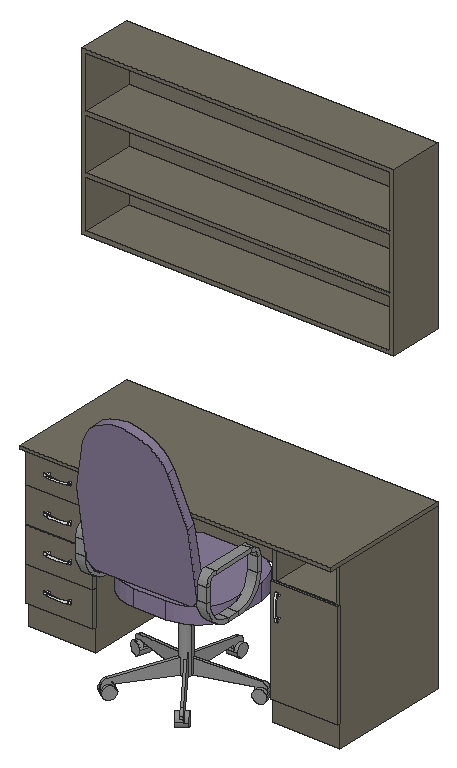
Revit family "Компьютерный стол", category Мебель, Revit 2019 (continued)
Definition of nested family "Кресло для компютерного стола"
  Forms (mm)
    Sweep 8, solid, material <- "Материал кресло для комп. стола пластик"
      path origin (-109.009, 0, 0) x (0, 1, 0) y (0, 0, 1)
        loop
          arc (-57.254, 419.1) -> (32.548, 456.297) -> (69.746, 546.1) r 127
          line (69.746, 546.1) -> (69.746, 609.6)
          arc (69.746, 609.6) -> (54.867, 645.521) -> (18.946, 660.4) r 50.8
          line (18.946, 660.4) -> (-184.254, 660.4)
          arc (-184.254, 660.4) -> (-220.175, 645.521) -> (-235.054, 609.6) r 50.8
          line (-235.054, 609.6) -> (-235.054, 546.1)
          arc (-235.054, 546.1) -> (-197.857, 456.297) -> (-108.054, 419.1) r 127
          line (-108.054, 419.1) -> (-57.254, 419.1)
      profile origin (-678.159, -82.654, 0) x (0, 0, -1) y (1, 0, 0)
        loop
          line (-420.492, 569.15) -> (-436.367, 569.15) -> (-436.367, 524.7) -> (-420.492, 524.7) -> (-420.492, 569.15)
    Extrusion 9, solid, material <- "Материал кресло для комп. стола пластик"
      sketch origin (140.991, -32.1, 0) x (0, 1, 0) y (0, 0, 1)
        loop
          line (40.263, 53.584) -> (311.046, 53.584) -> (311.046, 28.184) -> (361.846, 28.184) -> (361.846, 52.487)
          arc (361.846, 52.487) -> (355.903, 68.813) -> (340.857, 77.501) r 25.4
          line (340.857, 77.501) -> (44.346, 129.784) -> (40.263, 129.784) -> (40.263, 53.584)
      from 6.35 to -6.35
    Extrusion 10, solid, material <- "Материал кресло для комп. стола пластик"
      sketch origin (140.991, -32.1, 0) x (0, 1, 0) y (0, 0, 1)
        loop
          circle (336.446, 28.184) r 28.2
      from 25.4 to -25.4
    Extrusion 11, solid, material <- "Материал кресло для комп. стола пластик"
      sketch origin (189.538, 3.172, 0) x (-0.951057, 0.309017, 0) y (0, 0, 1)
        loop
          line (40.263, 53.584) -> (311.046, 53.584) -> (311.046, 28.184) -> (361.846, 28.184) -> (361.846, 52.487)
          arc (361.846, 52.487) -> (355.903, 68.813) -> (340.857, 77.501) r 25.4
          line (340.857, 77.501) -> (44.346, 129.784) -> (40.263, 129.784) -> (40.263, 53.584)
      from 6.35 to -6.35
    Extrusion 12, solid, material <- "Материал кресло для комп. стола пластик"
      sketch origin (189.538, 3.172, 0) x (-0.951057, 0.309017, 0) y (0, 0, 1)
        loop
          circle (336.446, 28.184) r 28.2
      from 25.4 to -25.4
    Extrusion 13, solid, material <- "Материал кресло для комп. стола пластик"
      sketch origin (170.995, 60.243, 0) x (-0.587785, -0.809017, 0) y (0, 0, 1)
        loop
          line (40.263, 53.584) -> (311.046, 53.584) -> (311.046, 28.184) -> (361.846, 28.184) -> (361.846, 52.487)
          arc (361.846, 52.487) -> (355.903, 68.813) -> (340.857, 77.501) r 25.4
          line (340.857, 77.501) -> (44.346, 129.784) -> (40.263, 129.784) -> (40.263, 53.584)
      from 6.35 to -6.35
    Extrusion 14, solid, material <- "Материал кресло для комп. стола пластик"
      sketch origin (170.995, 60.243, 0) x (-0.587785, -0.809017, 0) y (0, 0, 1)
        loop
          circle (336.446, 28.184) r 28.2
      from 25.4 to -25.4
    Extrusion 15, solid, material <- "Материал кресло для комп. стола пластик"
      sketch origin (110.987, 60.243, 0) x (0.587785, -0.809017, 0) y (0, 0, 1)
        loop
          line (40.263, 53.584) -> (311.046, 53.584) -> (311.046, 28.184) -> (361.846, 28.184) -> (361.846, 52.487)
          arc (361.846, 52.487) -> (355.903, 68.813) -> (340.857, 77.501) r 25.4
          line (340.857, 77.501) -> (44.346, 129.784) -> (40.263, 129.784) -> (40.263, 53.584)
      from 6.35 to -6.35
    Extrusion 16, solid, material <- "Материал кресло для комп. стола пластик"
      sketch origin (110.987, 60.243, 0) x (0.587785, -0.809017, 0) y (0, 0, 1)
        loop
          circle (336.446, 28.184) r 28.2
      from 25.4 to -25.4
  Dimensions and locks
    equal spacing: plane 4, plane 1 "Center (Front/Back)", plane 5
  Automatic sketch dimensions
    plane 1 "Center (Front/Back)" to Extrusion 9 sketch curve = 10.783 mm
    Extrusion 9 sketch curve to Extrusion 9 sketch curve = 4.083 mm
    level to Extrusion 9 sketch curve = 28.184 mm
    plane 5 to Extrusion 9 sketch curve = 82.9 mm
    Extrusion 9 sketch curve to Extrusion 9 sketch curve = 25.4 mm
    Extrusion 9 sketch curve to Extrusion 9 sketch curve = 4.411 mm
    plane 5 to Extrusion 9 sketch curve = 32.1 mm
    Extrusion 9 sketch curve to Extrusion 9 sketch curve = 24.303 mm
    level to Extrusion 9 sketch curve = 53.584 mm
    Extrusion 9 sketch curve to Extrusion 9 sketch curve = 76.2 mm
    Extrusion 10 sketch curve to Extrusion 10 sketch curve = 0 mm  (x2)
    level to Extrusion 10 sketch curve = 28.184 mm
    plane 5 to Extrusion 10 sketch curve = 57.5 mm
    Extrusion 10 sketch curve to Extrusion 10 sketch curve = 28.2 mm
    level to Extrusion 11 sketch curve = 53.584 mm
    Extrusion 11 sketch curve to Extrusion 11 sketch curve = 4.083 mm
    level to Extrusion 11 sketch curve = 28.184 mm
    Extrusion 11 sketch curve to Extrusion 11 sketch curve = 270.783 mm
    Extrusion 11 sketch curve to Extrusion 11 sketch curve = 25.4 mm  (x2)
    level to Extrusion 11 sketch curve = 77.501 mm
    Extrusion 11 sketch curve to Extrusion 11 sketch curve = 4.411 mm
    Extrusion 11 sketch curve to Extrusion 11 sketch curve = 76.2 mm
    Extrusion 12 sketch curve to Extrusion 12 sketch curve = 0 mm  (x2)
    level to Extrusion 12 sketch curve = 28.184 mm
    Extrusion 12 sketch curve to Extrusion 12 sketch curve = 28.2 mm
    level to Extrusion 13 sketch curve = 53.584 mm
    Extrusion 13 sketch curve to Extrusion 13 sketch curve = 4.083 mm
    level to Extrusion 13 sketch curve = 28.184 mm
    Extrusion 13 sketch curve to Extrusion 13 sketch curve = 270.783 mm
    Extrusion 13 sketch curve to Extrusion 13 sketch curve = 25.4 mm  (x2)
    level to Extrusion 13 sketch curve = 77.501 mm
    Extrusion 13 sketch curve to Extrusion 13 sketch curve = 4.411 mm
    Extrusion 13 sketch curve to Extrusion 13 sketch curve = 76.2 mm
    Extrusion 14 sketch curve to Extrusion 14 sketch curve = 0 mm  (x2)
    level to Extrusion 14 sketch curve = 28.184 mm
    Extrusion 14 sketch curve to Extrusion 14 sketch curve = 28.2 mm
    level to Extrusion 15 sketch curve = 53.584 mm
    Extrusion 15 sketch curve to Extrusion 15 sketch curve = 4.083 mm
    level to Extrusion 15 sketch curve = 28.184 mm
    Extrusion 15 sketch curve to Extrusion 15 sketch curve = 270.783 mm
    Extrusion 15 sketch curve to Extrusion 15 sketch curve = 25.4 mm  (x2)
    level to Extrusion 15 sketch curve = 77.501 mm
    Extrusion 15 sketch curve to Extrusion 15 sketch curve = 4.411 mm
    Extrusion 15 sketch curve to Extrusion 15 sketch curve = 76.2 mm
    Extrusion 16 sketch curve to Extrusion 16 sketch curve = 0 mm  (x2)
    level to Extrusion 16 sketch curve = 28.184 mm
    Extrusion 16 sketch curve to Extrusion 16 sketch curve = 28.2 mm
